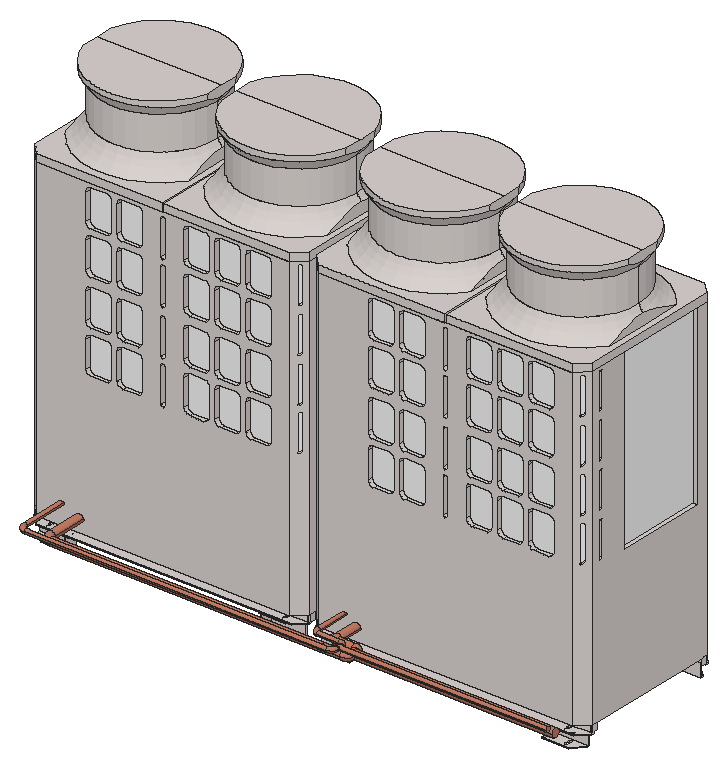
Revit family "PUHY-P800YSNW-A1", category Mechanical Equipment, Revit 2016 (continued)
Definition of nested family "PUHY-P450YNW-A1"
  Dimensions and locks
    cut or joined group 1 (Extrusion 1, Extrusion 2, Extrusion 3, Extrusion 4, Extrusion 5, Extrusion 6, Extrusion 7, Extrusion 8, Extrusion 9, Extrusion 10, Extrusion 11, Extrusion 12, Extrusion 13, Extrusion 14, Extrusion 15, Extrusion 16, Extrusion 17, Extrusion 18, Extrusion 19, Extrusion 20, Extrusion 21, Extrusion 22, Extrusion 23, Extrusion 24, Extrusion 25, Extrusion 26, Extrusion 27, Extrusion 28, Extrusion 29, Extrusion 30, Extrusion 31, Extrusion 32, Extrusion 33) to plane 12 to cut or joined group 1 = 805.000 mm, 621.000 mm
    plane 5 to plane 2 = 1858.000 mm  (x2)
    cut or joined group 1 to plane 19 "132" = 132.000 mm
    cut or joined group 1 to plane 22 = 207.000 mm
    cut or joined group 1 to plane 23 = 256.000 mm
    cut or joined group 1 to plane 6 = 60.000 mm
    cut or joined group 1 to cut or joined group 1 = 42.154 mm
    cut or joined group 1 to cut or joined group 1 = 11.895 mm
    nested 1 to nested 3 to level = 1798.000 mm, 60.000 mm
    nested 1 to nested 1 = 303.000 mm
    nested 1 to nested 3 = 1495.000 mm
    nested 8 to nested 8 to nested 8 to nested 7 to nested 7 to nested 7 = 54.000 mm, 20.000 mm, 592.000 mm, 20.000 mm, 54.000 mm
    nested 3 to nested 3 = 56.000 mm
    plane 11 to plane 31 to plane 32 to cut or joined group 1 = 90.000 mm, 1060.000 mm, 90.000 mm
    curve 103 to nested 7 = 90.000 mm
    curve 104 to nested 7 = 125.000 mm
    curve 101 to nested 7 = 100.000 mm
    curve 11 to curve 13 to nested 7 = 84.000 mm, 71.000 mm
    cut or joined group 1 to curve 12 to curve 14 = 125.000 mm, 148.000 mm
    nested 2 to nested 7 = 1495.000 mm
    curve 87 to cut or joined group 1 = 152.000 mm
    curve 88 to cut or joined group 1 = 172.000 mm
    curve 89 to cut or joined group 1 = 216.000 mm
    cut or joined group 1 to curve 4 to curve 2 = 128.000 mm, 150.000 mm
    cut or joined group 1 to curve 1 to curve 3 = 79.000 mm, 94.000 mm
    Extrusion 32 sketch curve to nested 7 = 116.000 mm
    cut or joined group 1 to Extrusion 32 sketch curve = 160.000 mm
    cut or joined group 1 to Extrusion 33 sketch curve = 243.000 mm
    Extrusion 33 sketch curve to nested 7 = 116.000 mm
    aligned and locked: level to plane 2
    aligned and locked: Extrusion 1 to plane 4
  Nested families
    nested 1: "FAN GUARD" at (-311.5, 2, 860), type "FAN GUARD"
      with WIDTH 870.000 mm
    nested 2: "FAN GUARD" at (311.5, 2, 860) x (-1, 0, 0) z (0, 0, 1), type "FAN GUARD"
      with WIDTH 870.000 mm
    nested 3: "ATTACHMENT LEG" at (-524, -349, 0), type "ATTACHMENT LEG"
    nested 4: "ATTACHMENT LEG" at (-524, 349, 0), type "ATTACHMENT LEG"
    nested 5: "ATTACHMENT LEG" at (524, -349, 0) x (-1, 0, 0) z (0, 0, 1), type "ATTACHMENT LEG"
    nested 6: "ATTACHMENT LEG" at (524, 349, 0) x (-1, 0, 0) z (0, 0, 1), type "ATTACHMENT LEG"
    nested 7: "BASE LEG_L_" at (0, -352, 60), type "BASE LEG_L_"
      with Width 1240.000 mm
    nested 8: "BASE LEG_L_" at (0, 352, 60), type "BASE LEG_L_"
      with Width 1240.000 mm
  Connectors
    piping at (-460, -191, 176), diameter 25.4, driven by "Liquid pipe_radius"
      settings: on cut or joined group 1, index 3, connector inside diameter 25.4 mm, connector length 0.000 mm, flow factor 0, pipe flow 0.0 L/s, pressure drop 0.0 Pa, fitting loss kfactor 0, connector angle 0.00°, fixture units 0, engagement length 0.000 mm, angle of deflection 0.00°, flow configuration 0, flow direction 0, fitting loss method 0, system type 22, joint type 0, gender type 0, connector reference index -1, connector utility 0, adjustable connector no, is connector primary yes, connector description "Refrigerant service valve<Liquid pipe>"
    piping at (-377, -191, 176), diameter 28.58, driven by "Gas pipe_radius"
      settings: on cut or joined group 1, index 4, connector inside diameter 28.58 mm, connector length 0.000 mm, flow factor 0, pipe flow 0.0 L/s, pressure drop 0.0 Pa, fitting loss kfactor 0, connector angle 0.00°, fixture units 0, engagement length 0.000 mm, angle of deflection 0.00°, flow configuration 0, flow direction 0, fitting loss method 0, system type 22, joint type 0, gender type 0, connector reference index -1, connector utility 0, adjustable connector no, is connector primary no, connector description "Refrigerant service valve<Gas>"
    electrical at (0, -370, 808)
      settings: on cut or joined group 1, index 5, voltage 0 V, apparent load 0 VA, apparent load phase1 0 VA, apparent load phase2 0 VA, apparent load phase3 0 VA, power factor 1, load classification none, number of poles 1, system type 30, power factor state 1, is connector primary yes, connector utility no, sub classification motor no, connector description ""
  Definition of nested family "FAN GUARD"
    Parameters
      WIDTH [instance] = 870.000 mm
    Reference planes
      plane 1 "中心(正面/背面)": y = -2
      plane 2: z = 0
      plane 3 "ファンガード基準面": z = 661
      plane 4: y = 368
      plane 5: x = 366
      plane 6: x = -375
      plane 7 "ファンガード基準上面": z = 695
      plane 8 "ファンガード上面": z = 998
      plane 9: x = -273.971
      plane 10: x = 308.5
      plane 11: x = -308.5
      plane 12: x = 0
    Forms (mm)
      Extrusion 1, solid
        sketch origin (85, 0, 661) x (-1, 0, 0) y (0, -1, 0)
          loop
            line (343.5, -368) -> (393.5, -318) -> (393.5, 322) -> (343.5, 372) -> (-223.5, 372) -> (-223.5, -368) -> (343.5, -368)
        from 0 to 34
      Revolve 2, solid
        sketch origin (0, -2, 0) x (1, 0, 0) y (0, 0, 1)
          loop
            line (0, 695) -> (0, 998) -> (-290, 998) -> (-290, 972.327) -> (-260, 928.372) -> (-260, 777.384)
            arc (-260, 777.384) -> (-290.651, 730.137) -> (-334.665, 695) r 175.882
            line (-334.665, 695) -> (0, 695)
          axis (0, 998) -> (0, 695)
        angle from 0 to 360
      Extrusion 3, void
        sketch origin (-840, 75, 695) x (-1, 0, 0) y (0, -1, 0)
          loop
            line (-410, -165) -> (-410, 315) -> (-561.253, 315) -> (-561.253, -165) -> (-410, -165)
        from -35 to 430.592
      Extrusion 4, void
        sketch origin (840, 75, 695) x (1, 0, 0) y (0, 1, 0)
          loop
            line (-410, 165) -> (-561.253, 165) -> (-561.253, -315) -> (-410, -315) -> (-410, 165)
        from 0 to 430.592
    Cuts and joins
      Extrusion 3, Extrusion 4 cuts Revolve 2
      Extrusion 4 cuts Extrusion 1
    Lines and regions (mm)
      model lines
        curve 1: line (-278.747, 0, 998) -> (-80, 0, 998)
        curve 2: line (80, 0, 998) -> (278.747, 0, 998)
        curve 3: circle (0, 0, 998) r 80 normal (0, 0, 1)
        curve 4: line (-278.747, -80, 998) -> (278.747, -80, 998)
        curve 5: line (-241.868, -160, 998) -> (241.868, -160, 998)
        curve 6: line (-162.788, -240, 998) -> (162.788, -240, 998)
        curve 7: line (-278.747, 80, 998) -> (278.747, 80, 998)
        curve 8: line (-241.868, 160, 998) -> (240, 160, 998)
        curve 9: line (-160, 240, 998) -> (162.788, 240, 998)
        curve 10: line (0, 290, 998) -> (0, -290, 998)
        curve 11: line (-20, 289.31, 998) -> (-20, -289.31, 998)
        curve 12: line (-40, 287.228, 998) -> (-40, -287.228, 998)
        curve 13: line (-60, 283.725, 998) -> (-60, -283.725, 998)
        curve 14: line (-80, 278.747, 998) -> (-80, -278.747, 998)
        curve 15: line (20, 289.31, 998) -> (20, -289.31, 998)
        curve 16: line (40, 287.228, 998) -> (40, -287.228, 998)
        curve 17: line (60, 283.725, 998) -> (60, -283.725, 998)
        curve 18: line (80, 278.747, 998) -> (80, -278.747, 998)
        curve 19: line (100, 272.213, 998) -> (100, -272.213, 998)
        curve 20: line (120, 264.008, 998) -> (120, -264.008, 998)
        curve 21: line (140, 253.969, 998) -> (140, -253.969, 998)
        curve 22: line (160, 241.868, 998) -> (160, -243.132, 998)
        curve 23: line (180, 227.376, 998) -> (180, -227.624, 998)
        curve 24: line (200, 210, 998) -> (200, -210, 998)
        curve 25: line (220, 188.944, 998) -> (220, -188.944, 998)
        curve 26: line (240, 160, 998) -> (240, -162.788, 998)
        curve 27: line (260, 128.452, 998) -> (260, -128.452, 998)
        curve 28: line (-100, 272.213, 998) -> (-100, -272.213, 998)
        curve 29: line (-120, 264.008, 998) -> (-120, -264.008, 998)
        curve 30: line (-140, 253.969, 998) -> (-140, -253.969, 998)
        curve 31: line (-160, 240, 998) -> (-160, -241.868, 998)
        curve 32: line (-180, 227.376, 998) -> (-180, -227.376, 998)
        curve 33: line (-200, 210, 998) -> (-200, -210, 998)
        curve 34: line (-220, 188.944, 998) -> (-220, -188.944, 998)
        curve 35: line (-240, 162.788, 998) -> (-240, -162.788, 998)
        curve 36: line (-260, 128.452, 998) -> (-260, -128.452, 998)
        curve 37: line (10, 79.373, 998) -> (10, -79.373, 998)
        curve 38: line (-10, 79.373, 998) -> (-10, -79.373, 998)
        curve 39: line (30, 74.162, 998) -> (30, -74.162, 998)
        curve 40: line (50, 62.45, 998) -> (50, -62.45, 998)
        curve 41: line (70, 38.73, 998) -> (70, -38.73, 998)
        curve 42: line (-30, 74.162, 998) -> (-30, -74.162, 998)
        curve 43: line (-50, 62.45, 998) -> (-50, -62.45, 998)
        curve 44: line (-70, 38.73, 998) -> (-70, -38.73, 998)
    Dimensions and locks
      locked: plane 8 "ファンガード上面" to plane 7 "ファンガード基準上面" at 303
      plane 8 "ファンガード上面" to plane 3 "ファンガード基準面" = 337.000 mm
      Revolve 2 sketch curve to Revolve 2 sketch curve = 290.000 mm
      Extrusion 1 sketch curve to Extrusion 1 sketch curve = 740.000 mm
      equal spacing: Extrusion 1 sketch curve, plane 1 "中心(正面/背面)", Extrusion 1 sketch curve
      plane 6 to plane 5 = 741.000 mm
      Extrusion 1 sketch curve to Extrusion 1 sketch curve = 617.000 mm
      plane 11 to plane 10 = 617.000 mm
      cut or joined group of Extrusion 1, Extrusion 4 to cut or joined group of Extrusion 1, Extrusion 4 = 617.000 mm
      cut or joined group of Extrusion 1, Extrusion 4 to cut or joined group of Extrusion 1, Extrusion 4 = 740.000 mm
      aligned and locked: level to plane 2
      aligned and locked: plane 7 "ファンガード基準上面" to Extrusion 1
      aligned and locked: plane 3 "ファンガード基準面" to Extrusion 1
      aligned and locked: cut or joined group of Revolve 2, Extrusion 3, Extrusion 4 to plane 8 "ファンガード上面"
  Definition of nested family "ATTACHMENT LEG"
    Parameters
      Width = 145.000 mm
    Reference planes
      plane 1: z = 0
      plane 2 "中心(左/右)": x = -6
      plane 3: x = -52
      plane 4: x = 85
      plane 5: x = 93
      plane 6: y = -21
      plane 7: y = 27
      plane 8: x = -30
      plane 9: y = 39
      plane 10: z = 60
      plane 11: z = 57
      plane 12: z = 3
      plane 13: x = 82
      plane 14: y = 36
      plane 15: x = -75
      plane 16: y = 31
      plane 17 "幅": x = 93
      plane 18: y = 2.5
      plane 19: y = 21
      plane 20: y = -10
    Forms (mm)
      Extrusion 1, solid
        sketch origin (0, -1, 0) x (1, 0, 0) y (0, 1, 0)
          loop
            line (-75, 36) -> (-75, 27) -> (-28, -20) -> (93, -20) -> (93, 32) -> (85, 32) -> (85, 36) -> (-75, 36)
        from 0 to 60
      Extrusion 2, void
        sketch origin (0, -3, 0) x (1, 0, 0) y (0, 0, 1)
          loop
            line (-75, 57) -> (-75, 3) -> (82, 3) -> (82, 57) -> (-75, 57)
          loop
            line (93, 57) -> (85, 57) -> (85, 3) -> (93, 3) -> (93, 57)
        from -35 to 18
      Extrusion 3, void
        sketch origin (-6, 5.5, 0) x (1, 0, 0) y (0, 1, 0)
          loop
            arc (-7, -8.5) -> (0, -15.5) -> (7, -8.5) r 7
            line (7, -8.5) -> (7, 8.5)
            arc (7, 8.5) -> (0, 15.5) -> (-7, 8.5) r 7
            line (-7, 8.5) -> (-7, -8.5)
        from 0 to 60
    Cuts and joins
      Extrusion 2, Extrusion 3 cuts Extrusion 1
    Dimensions and locks
      locked: plane 3 to plane 4 at 137
      locked: plane 3 to plane 5 at 145
      plane 6 to plane 7 = 48.000 mm
      locked: plane 10 to level at 60
      Extrusion 3 sketch curve to plane 2 "中心(左/右)" = 7.000 mm
      locked: plane 15 to plane 2 "中心(左/右)" at 69
      locked: plane 15 to plane 8 at 45
      locked: plane 6 to plane 18 at 23.5
      cut or joined group of Extrusion 1, Extrusion 2, Extrusion 3 to cut or joined group of Extrusion 1, Extrusion 2, Extrusion 3 = 168.000 mm
      cut or joined group of Extrusion 1, Extrusion 2, Extrusion 3 to cut or joined group of Extrusion 1, Extrusion 2, Extrusion 3 = 56.000 mm  (x2)
      plane 14 to plane 6 = 57.000 mm
      aligned and locked: level to plane 1
      aligned and locked: Extrusion 1 sketch curve to plane 4
      aligned and locked: Extrusion 1 sketch curve to plane 5
      aligned: plane 8 to Extrusion 1 sketch curve
      aligned and locked: plane 10 to Extrusion 1
      aligned and locked: Extrusion 2 sketch curve to plane 11
      aligned: plane 3 to Extrusion 2 sketch curve
      aligned and locked: plane 12 to Extrusion 2 sketch curve
      aligned and locked: Extrusion 2 sketch curve to plane 13
      aligned and locked: plane 6 to Extrusion 2
      aligned and locked: plane 11 to Extrusion 2 sketch curve
      aligned and locked: plane 5 to Extrusion 2 sketch curve
      aligned and locked: Extrusion 2 sketch curve to plane 12
      aligned and locked: Extrusion 2 sketch curve to plane 4
      aligned and locked: plane 15 to Extrusion 1 sketch curve
      aligned and locked: Extrusion 2 sketch curve to cut or joined group of Extrusion 1, Extrusion 2, Extrusion 3
      aligned and locked: Extrusion 1 to plane 16
  Definition of nested family "BASE LEG_L_"
    Parameters
      Width [instance] = 1240.000 mm
    Reference planes
      plane 1 "中心(正面/背面)": y = 0
      plane 2: z = 0
      plane 3 "中心(左/右)": x = 0
      plane 4: x = 620
      plane 5: x = -620
      plane 6: x = -530
      plane 7: x = 530
      plane 8: y = -18
      plane 9: y = 39
      plane 10: z = 53
      plane 11: y = 42
      plane 12: y = 27
      plane 13: x = 575
      plane 14: x = -575
      plane 15: z = 8
      plane 16: y = 11.5
      plane 17: z = 35
    Forms (mm)
      Extrusion 1, solid
        sketch origin (0, 0, 0) x (0, 1, 0) y (0, 0, 1)
          loop
            line (-18, 0) -> (36, 0) -> (36, 32) -> (56, 32) -> (56, 35) -> (33, 35) -> (33, 3) -> (-18, 3) -> (-18, 0)
        from -620 to 620
      Extrusion 2, void
        sketch origin (0, 0, 0) x (1, 0, 0) y (0, 1, 0)
          loop
            line (575, -18) -> (620, -18) -> (620, 27) -> (575, -18)
          loop
            line (-575, -18) -> (-620, 27) -> (-620, -18) -> (-575, -18)
        from 0 to 250
      Extrusion 3, void
        sketch origin (0, 12.023, 0) x (1, 0, 0) y (0, 1, 0)
          loop
            arc (523, -2.971) -> (530, -9.971) -> (537, -2.971) r 7
            line (537, -2.971) -> (537, 3.023)
            arc (537, 3.023) -> (530, 10.023) -> (523, 3.023) r 7
            line (523, 3.023) -> (523, -2.971)
          loop
            line (-523, -2.971) -> (-523, 3.023)
            arc (-523, 3.023) -> (-530, 10.023) -> (-537, 3.023) r 7
            line (-537, 3.023) -> (-537, -2.971)
            arc (-537, -2.971) -> (-530, -9.971) -> (-523, -2.971) r 7
        from 0 to 250
      Extrusion 4, solid
        sketch origin (0, 0, -3) x (1, 0, 0) y (0, 0, 1)
          loop
            line (617, 8) -> (620, 8) -> (620, 35) -> (617, 35) -> (617, 8)
          loop
            line (-617, 8) -> (-617, 35) -> (-620, 35) -> (-620, 8) -> (-617, 8)
        from -36 to -56
      Extrusion 5, solid
        sketch origin (150, 352, 0) x (1, 0, 0) y (0, 1, 0)
          loop
            line (460, -319) -> (455, -319) -> (455, -320) -> (405, -370) -> (410, -370) -> (460, -320) -> (460, -319)
        from 3 to 35
      Extrusion 6, void
        sketch origin (560, -18, 0) x (0.707107, 0.707107, 0) y (0, 0, 1)
          loop
            line (70.711, 3) -> (-6.741, 39.767) -> (-6.741, 3) -> (70.711, 3)
        from -190.256 to 23.776
      Extrusion 7, solid
        sketch origin (-150, 352, 0) x (-1, 0, 0) y (0, -1, 0)
          loop
            line (460, 319) -> (460, 320) -> (410, 370) -> (405, 370) -> (455, 320) -> (455, 319) -> (460, 319)
        from 3 to 35
      Extrusion 8, void
        sketch origin (-560, -18, 0) x (0.707107, -0.707107, 0) y (0, 0, -1)
          loop
            line (-70.711, -3) -> (0, -35) -> (6.741, -35) -> (6.741, -3) -> (-70.711, -3)
        from -190.256 to 23.776
    Cuts and joins
      Extrusion 2, Extrusion 3 cuts Extrusion 1
      joined: Extrusion 1, Extrusion 4
      Extrusion 8 cuts Extrusion 7
      Extrusion 6 cuts Extrusion 5
    Dimensions and locks
      "Width": plane 5 to plane 4
      equal spacing: plane 5, plane 3 "中心(左/右)", plane 4
      locked: plane 5 to plane 6 at 90
      locked: plane 7 to plane 4 at 90
      locked: plane 8 to plane 9 at 57
      locked: plane 10 to level at 53
      locked: plane 9 to plane 11 at 3
      plane 8 to plane 12 = 45.000 mm
      locked: plane 13 to plane 4 at 45
      locked: plane 5 to plane 14 at 45
      equal spacing: Extrusion 3 sketch curve, plane 7, Extrusion 3 sketch curve
      equal spacing: Extrusion 3 sketch curve, plane 6, Extrusion 3 sketch curve
      locked: plane 10 to plane 15 at 45
      locked: cut or joined group of Extrusion 1, Extrusion 2, Extrusion 3, Extrusion 4 to Extrusion 4 sketch curve at 3  (x2)
      locked: plane 8 to plane 16 at 29.5
      plane 8 to plane 11 = 60.000 mm
      cut or joined group of Extrusion 1, Extrusion 2, Extrusion 3, Extrusion 4 to cut or joined group of Extrusion 1, Extrusion 2, Extrusion 3, Extrusion 4 = 35.000 mm
      aligned and locked: level to plane 2
      aligned and locked: plane 8 to Extrusion 1 sketch curve
      aligned and locked: plane 4 to Extrusion 1
      aligned and locked: Extrusion 1 to plane 5
      aligned and locked: Extrusion 2 sketch curve to plane 4
      aligned and locked: Extrusion 2 sketch curve to plane 8
      aligned and locked: plane 12 to Extrusion 2 sketch curve
      aligned and locked: plane 13 to Extrusion 2 sketch curve
      aligned and locked: plane 4 to Extrusion 4 sketch curve
      aligned and locked: plane 5 to Extrusion 4 sketch curve
      aligned and locked: cut or joined group of Extrusion 7, Extrusion 8 to cut or joined group of Extrusion 1, Extrusion 2, Extrusion 3, Extrusion 4
    Automatic sketch dimensions
      Extrusion 3 sketch curve to plane 1 "中心(正面/背面)" = 9.052 mm  (x2)
      Extrusion 3 sketch curve to plane 7 = 7.000 mm
      Extrusion 3 sketch curve to plane 1 "中心(正面/背面)" = 15.046 mm  (x2)
      Extrusion 3 sketch curve to plane 6 = 7.000 mm
      Extrusion 2 sketch curve to plane 5 = 0.000 mm
      plane 8 to Extrusion 2 sketch curve = 0.000 mm
      Extrusion 2 sketch curve to plane 14 = 0.000 mm
      plane 12 to Extrusion 2 sketch curve = 0.000 mm
      Extrusion 4 sketch curve to plane 10 = 21.000 mm
      plane 7 to Extrusion 5 sketch curve = 25.000 mm
      Extrusion 5 sketch curve to Extrusion 5 sketch curve = 5.000 mm  (x2)
      plane 7 to Extrusion 5 sketch curve = 75.000 mm
      plane 8 to Extrusion 5 sketch curve = 0.000 mm
      Extrusion 5 sketch curve to Extrusion 5 sketch curve = 50.000 mm
      Extrusion 5 sketch curve to Extrusion 5 sketch curve = 0.000 mm
      Extrusion 5 sketch curve to Extrusion 5 sketch curve = 1.000 mm
      Extrusion 6 sketch curve to Extrusion 5 = 0.000 mm  (x2)
      Extrusion 6 sketch curve to Extrusion 5 = 6.741 mm
      Extrusion 6 sketch curve to Extrusion 5 = 4.767 mm
      plane 6 to Extrusion 7 sketch curve = 25.000 mm
      Extrusion 7 sketch curve to Extrusion 7 sketch curve = 5.000 mm  (x2)
      Extrusion 7 sketch curve to Extrusion 7 sketch curve = 45.000 mm
      Extrusion 7 sketch curve to plane 8 = 0.000 mm
      Extrusion 7 sketch curve to Extrusion 7 sketch curve = 50.000 mm
      Extrusion 7 sketch curve to Extrusion 7 sketch curve = 0.000 mm
      Extrusion 7 sketch curve to Extrusion 7 sketch curve = 1.000 mm
      Extrusion 8 sketch curve to Extrusion 7 = 0.000 mm  (x2)
      Extrusion 7 to Extrusion 8 sketch curve = 0.000 mm  (x2)
      Extrusion 7 to Extrusion 8 sketch curve = 6.741 mm
      Extrusion 4 sketch curve to plane 17 = 3.000 mm
      Extrusion 4 sketch curve to plane 15 = 3.000 mm  (x2)
      Extrusion 1 sketch curve to plane 17 = 0.000 mm
      Extrusion 1 sketch curve to level = 0.000 mm
      level to Extrusion 1 sketch curve = 3.000 mm
      plane 9 to Extrusion 1 sketch curve = 6.000 mm
      plane 9 to Extrusion 1 sketch curve = 3.000 mm
      Extrusion 1 sketch curve to plane 17 = 3.000 mm
      Extrusion 1 sketch curve to plane 11 = 14.000 mm
Definition of nested family "PUHY-P350YNW-A1"
  Parameters (values of type "PUHY-P350YNW-A")
    Model = "PUHY-P350YNW-A"
    URL = "http://www.mitsubishielectric.com/"
    Manufacturer = "Mitsubishi Electric Corporation"
    Liquid pipe_radius = 12.700 mm
    Gas pipe_radius = 14.290 mm
  Reference planes
    plane 1 "Center (Front/Back)": y = 0
    plane 2: z = 0
    plane 3 "Center (Left/Right)": x = 0
    plane 4: y = 370
    plane 5: z = 1858
    plane 6: y = -260
    plane 7: y = -204
    plane 8: y = -185
    plane 9: x = -620
    plane 10: x = 620
    plane 11: x = -620
    plane 12: z = 716
    plane 13: x = -524
    plane 14: z = 669
    plane 15: x = -50.5
    plane 16: x = 51
    plane 17: x = 489
    plane 18: x = 467
    plane 19 "132": x = 488
    plane 20 "100": z = 160
    plane 21: z = 185
    plane 22: x = 413
    plane 23: x = 364
    plane 24: z = 150
    plane 25: x = -287.25
    plane 26: x = -137.25
    plane 27: x = -272.25
    plane 28: y = -278
    plane 29: z = 1509
    plane 30: y = -370
    plane 31: x = -530
    plane 32: x = 530
    plane 33 "179": y = -191
  Forms (mm)
    Extrusion 1, solid
      sketch origin (-1, 0, 113) x (-1, 0, 0) y (0, -1, 0)
        loop
          line (569, -370) -> (619, -320) -> (619, 320) -> (569, 370) -> (-571, 370) -> (-621, 320) -> (-621, -320) -> (-571, -370) -> (569, -370)
      from -18 to 1408
    Extrusion 2, void
      sketch origin (524, -370, 113) x (1, 0, 0) y (0, 0, -1)
        loop
          arc (-60.8, -1393.5) -> (-42.557, -1385.943) -> (-35, -1367.7) r 25.8
          line (-35, -1367.7) -> (-35, -1248.5)
          arc (-35, -1248.5) -> (-42.557, -1230.257) -> (-60.8, -1222.7) r 25.8
          line (-60.8, -1222.7) -> (-126, -1222.7)
          arc (-126, -1222.7) -> (-144.243, -1230.257) -> (-151.8, -1248.5) r 25.8
          line (-151.8, -1248.5) -> (-151.8, -1367.7)
          arc (-151.8, -1367.7) -> (-144.243, -1385.943) -> (-126, -1393.5) r 25.8
          line (-126, -1393.5) -> (-60.8, -1393.5)
      from 0 to 20
    Extrusion 3, void
      sketch origin (524, -370, -81) x (1, 0, 0) y (0, 0, -1)
        loop
          arc (-60.8, -1393.5) -> (-42.557, -1385.943) -> (-35, -1367.7) r 25.8
          line (-35, -1367.7) -> (-35, -1248.5)
          arc (-35, -1248.5) -> (-42.557, -1230.257) -> (-60.8, -1222.7) r 25.8
          line (-60.8, -1222.7) -> (-126, -1222.7)
          arc (-126, -1222.7) -> (-144.243, -1230.257) -> (-151.8, -1248.5) r 25.8
          line (-151.8, -1248.5) -> (-151.8, -1367.7)
          arc (-151.8, -1367.7) -> (-144.243, -1385.943) -> (-126, -1393.5) r 25.8
          line (-126, -1393.5) -> (-60.8, -1393.5)
      from 0 to 20
    Extrusion 4, void
      sketch origin (524, -370, -287) x (1, 0, 0) y (0, 0, -1)
        loop
          arc (-60.8, -1393.5) -> (-42.557, -1385.943) -> (-35, -1367.7) r 25.8
          line (-35, -1367.7) -> (-35, -1248.5)
          arc (-35, -1248.5) -> (-42.557, -1230.257) -> (-60.8, -1222.7) r 25.8
          line (-60.8, -1222.7) -> (-126, -1222.7)
          arc (-126, -1222.7) -> (-144.243, -1230.257) -> (-151.8, -1248.5) r 25.8
          line (-151.8, -1248.5) -> (-151.8, -1367.7)
          arc (-151.8, -1367.7) -> (-144.243, -1385.943) -> (-126, -1393.5) r 25.8
          line (-126, -1393.5) -> (-60.8, -1393.5)
      from 0 to 20
    Extrusion 5, void
      sketch origin (524, -370, -481) x (1, 0, 0) y (0, 0, -1)
        loop
          arc (-60.8, -1393.5) -> (-42.557, -1385.943) -> (-35, -1367.7) r 25.8
          line (-35, -1367.7) -> (-35, -1248.5)
          arc (-35, -1248.5) -> (-42.557, -1230.257) -> (-60.8, -1222.7) r 25.8
          line (-60.8, -1222.7) -> (-126, -1222.7)
          arc (-126, -1222.7) -> (-144.243, -1230.257) -> (-151.8, -1248.5) r 25.8
          line (-151.8, -1248.5) -> (-151.8, -1367.7)
          arc (-151.8, -1367.7) -> (-144.243, -1385.943) -> (-126, -1393.5) r 25.8
          line (-126, -1393.5) -> (-60.8, -1393.5)
      from 0 to 20
    Extrusion 6, void
      sketch origin (384, -370, 113) x (1, 0, 0) y (0, 0, -1)
        loop
          arc (-60.8, -1393.5) -> (-42.557, -1385.943) -> (-35, -1367.7) r 25.8
          line (-35, -1367.7) -> (-35, -1248.5)
          arc (-35, -1248.5) -> (-42.557, -1230.257) -> (-60.8, -1222.7) r 25.8
          line (-60.8, -1222.7) -> (-126, -1222.7)
          arc (-126, -1222.7) -> (-144.243, -1230.257) -> (-151.8, -1248.5) r 25.8
          line (-151.8, -1248.5) -> (-151.8, -1367.7)
          arc (-151.8, -1367.7) -> (-144.243, -1385.943) -> (-126, -1393.5) r 25.8
          line (-126, -1393.5) -> (-60.8, -1393.5)
      from 0 to 20
    Extrusion 7, void
      sketch origin (384, -370, -81) x (1, 0, 0) y (0, 0, -1)
        loop
          arc (-60.8, -1393.5) -> (-42.557, -1385.943) -> (-35, -1367.7) r 25.8
          line (-35, -1367.7) -> (-35, -1248.5)
          arc (-35, -1248.5) -> (-42.557, -1230.257) -> (-60.8, -1222.7) r 25.8
          line (-60.8, -1222.7) -> (-126, -1222.7)
          arc (-126, -1222.7) -> (-144.243, -1230.257) -> (-151.8, -1248.5) r 25.8
          line (-151.8, -1248.5) -> (-151.8, -1367.7)
          arc (-151.8, -1367.7) -> (-144.243, -1385.943) -> (-126, -1393.5) r 25.8
          line (-126, -1393.5) -> (-60.8, -1393.5)
      from 0 to 20
    Extrusion 8, void
      sketch origin (384, -370, -287) x (1, 0, 0) y (0, 0, -1)
        loop
          arc (-60.8, -1393.5) -> (-42.557, -1385.943) -> (-35, -1367.7) r 25.8
          line (-35, -1367.7) -> (-35, -1248.5)
          arc (-35, -1248.5) -> (-42.557, -1230.257) -> (-60.8, -1222.7) r 25.8
          line (-60.8, -1222.7) -> (-126, -1222.7)
          arc (-126, -1222.7) -> (-144.243, -1230.257) -> (-151.8, -1248.5) r 25.8
          line (-151.8, -1248.5) -> (-151.8, -1367.7)
          arc (-151.8, -1367.7) -> (-144.243, -1385.943) -> (-126, -1393.5) r 25.8
          line (-126, -1393.5) -> (-60.8, -1393.5)
      from 0 to 20
    Extrusion 9, void
      sketch origin (384, -370, -481) x (1, 0, 0) y (0, 0, -1)
        loop
          arc (-60.8, -1393.5) -> (-42.557, -1385.943) -> (-35, -1367.7) r 25.8
          line (-35, -1367.7) -> (-35, -1248.5)
          arc (-35, -1248.5) -> (-42.557, -1230.257) -> (-60.8, -1222.7) r 25.8
          line (-60.8, -1222.7) -> (-126, -1222.7)
          arc (-126, -1222.7) -> (-144.243, -1230.257) -> (-151.8, -1248.5) r 25.8
          line (-151.8, -1248.5) -> (-151.8, -1367.7)
          arc (-151.8, -1367.7) -> (-144.243, -1385.943) -> (-126, -1393.5) r 25.8
          line (-126, -1393.5) -> (-60.8, -1393.5)
      from 0 to 20
    Extrusion 10, void
      sketch origin (244, -370, 113) x (1, 0, 0) y (0, 0, -1)
        loop
          arc (-60.8, -1393.5) -> (-42.557, -1385.943) -> (-35, -1367.7) r 25.8
          line (-35, -1367.7) -> (-35, -1248.5)
          arc (-35, -1248.5) -> (-42.557, -1230.257) -> (-60.8, -1222.7) r 25.8
          line (-60.8, -1222.7) -> (-126, -1222.7)
          arc (-126, -1222.7) -> (-144.243, -1230.257) -> (-151.8, -1248.5) r 25.8
          line (-151.8, -1248.5) -> (-151.8, -1367.7)
          arc (-151.8, -1367.7) -> (-144.243, -1385.943) -> (-126, -1393.5) r 25.8
          line (-126, -1393.5) -> (-60.8, -1393.5)
      from 0 to 20
    Extrusion 11, void
      sketch origin (244, -370, -81) x (1, 0, 0) y (0, 0, -1)
        loop
          arc (-60.8, -1393.5) -> (-42.557, -1385.943) -> (-35, -1367.7) r 25.8
          line (-35, -1367.7) -> (-35, -1248.5)
          arc (-35, -1248.5) -> (-42.557, -1230.257) -> (-60.8, -1222.7) r 25.8
          line (-60.8, -1222.7) -> (-126, -1222.7)
          arc (-126, -1222.7) -> (-144.243, -1230.257) -> (-151.8, -1248.5) r 25.8
          line (-151.8, -1248.5) -> (-151.8, -1367.7)
          arc (-151.8, -1367.7) -> (-144.243, -1385.943) -> (-126, -1393.5) r 25.8
          line (-126, -1393.5) -> (-60.8, -1393.5)
      from 0 to 20
    Extrusion 12, void
      sketch origin (244, -370, -287) x (1, 0, 0) y (0, 0, -1)
        loop
          arc (-60.8, -1393.5) -> (-42.557, -1385.943) -> (-35, -1367.7) r 25.8
          line (-35, -1367.7) -> (-35, -1248.5)
          arc (-35, -1248.5) -> (-42.557, -1230.257) -> (-60.8, -1222.7) r 25.8
          line (-60.8, -1222.7) -> (-126, -1222.7)
          arc (-126, -1222.7) -> (-144.243, -1230.257) -> (-151.8, -1248.5) r 25.8
          line (-151.8, -1248.5) -> (-151.8, -1367.7)
          arc (-151.8, -1367.7) -> (-144.243, -1385.943) -> (-126, -1393.5) r 25.8
          line (-126, -1393.5) -> (-60.8, -1393.5)
      from 0 to 20
    Extrusion 13, void
      sketch origin (244, -370, -481) x (1, 0, 0) y (0, 0, -1)
        loop
          arc (-60.8, -1393.5) -> (-42.557, -1385.943) -> (-35, -1367.7) r 25.8
          line (-35, -1367.7) -> (-35, -1248.5)
          arc (-35, -1248.5) -> (-42.557, -1230.257) -> (-60.8, -1222.7) r 25.8
          line (-60.8, -1222.7) -> (-126, -1222.7)
          arc (-126, -1222.7) -> (-144.243, -1230.257) -> (-151.8, -1248.5) r 25.8
          line (-151.8, -1248.5) -> (-151.8, -1367.7)
          arc (-151.8, -1367.7) -> (-144.243, -1385.943) -> (-126, -1393.5) r 25.8
          line (-126, -1393.5) -> (-60.8, -1393.5)
      from 0 to 20
    Extrusion 14, void
      sketch origin (-56, -370, 113) x (1, 0, 0) y (0, 0, -1)
        loop
          arc (-60.8, -1393.5) -> (-42.557, -1385.943) -> (-35, -1367.7) r 25.8
          line (-35, -1367.7) -> (-35, -1248.5)
          arc (-35, -1248.5) -> (-42.557, -1230.257) -> (-60.8, -1222.7) r 25.8
          line (-60.8, -1222.7) -> (-126, -1222.7)
          arc (-126, -1222.7) -> (-144.243, -1230.257) -> (-151.8, -1248.5) r 25.8
          line (-151.8, -1248.5) -> (-151.8, -1367.7)
          arc (-151.8, -1367.7) -> (-144.243, -1385.943) -> (-126, -1393.5) r 25.8
          line (-126, -1393.5) -> (-60.8, -1393.5)
      from 0 to 20
    Extrusion 15, void
      sketch origin (-56, -370, -81) x (1, 0, 0) y (0, 0, -1)
        loop
          arc (-60.8, -1393.5) -> (-42.557, -1385.943) -> (-35, -1367.7) r 25.8
          line (-35, -1367.7) -> (-35, -1248.5)
          arc (-35, -1248.5) -> (-42.557, -1230.257) -> (-60.8, -1222.7) r 25.8
          line (-60.8, -1222.7) -> (-126, -1222.7)
          arc (-126, -1222.7) -> (-144.243, -1230.257) -> (-151.8, -1248.5) r 25.8
          line (-151.8, -1248.5) -> (-151.8, -1367.7)
          arc (-151.8, -1367.7) -> (-144.243, -1385.943) -> (-126, -1393.5) r 25.8
          line (-126, -1393.5) -> (-60.8, -1393.5)
      from 0 to 20
    Extrusion 16, void
      sketch origin (-56, -370, -287) x (1, 0, 0) y (0, 0, -1)
        loop
          arc (-60.8, -1393.5) -> (-42.557, -1385.943) -> (-35, -1367.7) r 25.8
          line (-35, -1367.7) -> (-35, -1248.5)
          arc (-35, -1248.5) -> (-42.557, -1230.257) -> (-60.8, -1222.7) r 25.8
          line (-60.8, -1222.7) -> (-126, -1222.7)
          arc (-126, -1222.7) -> (-144.243, -1230.257) -> (-151.8, -1248.5) r 25.8
          line (-151.8, -1248.5) -> (-151.8, -1367.7)
          arc (-151.8, -1367.7) -> (-144.243, -1385.943) -> (-126, -1393.5) r 25.8
          line (-126, -1393.5) -> (-60.8, -1393.5)
      from 0 to 20
    Extrusion 17, void
      sketch origin (-56, -370, -481) x (1, 0, 0) y (0, 0, -1)
        loop
          arc (-60.8, -1393.5) -> (-42.557, -1385.943) -> (-35, -1367.7) r 25.8
          line (-35, -1367.7) -> (-35, -1248.5)
          arc (-35, -1248.5) -> (-42.557, -1230.257) -> (-60.8, -1222.7) r 25.8
          line (-60.8, -1222.7) -> (-126, -1222.7)
          arc (-126, -1222.7) -> (-144.243, -1230.257) -> (-151.8, -1248.5) r 25.8
          line (-151.8, -1248.5) -> (-151.8, -1367.7)
          arc (-151.8, -1367.7) -> (-144.243, -1385.943) -> (-126, -1393.5) r 25.8
          line (-126, -1393.5) -> (-60.8, -1393.5)
      from 0 to 20
    Extrusion 18, void
      sketch origin (-196, -370, 113) x (1, 0, 0) y (0, 0, -1)
        loop
          arc (-60.8, -1393.5) -> (-42.557, -1385.943) -> (-35, -1367.7) r 25.8
          line (-35, -1367.7) -> (-35, -1248.5)
          arc (-35, -1248.5) -> (-42.557, -1230.257) -> (-60.8, -1222.7) r 25.8
          line (-60.8, -1222.7) -> (-126, -1222.7)
          arc (-126, -1222.7) -> (-144.243, -1230.257) -> (-151.8, -1248.5) r 25.8
          line (-151.8, -1248.5) -> (-151.8, -1367.7)
          arc (-151.8, -1367.7) -> (-144.243, -1385.943) -> (-126, -1393.5) r 25.8
          line (-126, -1393.5) -> (-60.8, -1393.5)
      from 0 to 20
    Extrusion 19, void
      sketch origin (-196, -370, -81) x (1, 0, 0) y (0, 0, -1)
        loop
          arc (-60.8, -1393.5) -> (-42.557, -1385.943) -> (-35, -1367.7) r 25.8
          line (-35, -1367.7) -> (-35, -1248.5)
          arc (-35, -1248.5) -> (-42.557, -1230.257) -> (-60.8, -1222.7) r 25.8
          line (-60.8, -1222.7) -> (-126, -1222.7)
          arc (-126, -1222.7) -> (-144.243, -1230.257) -> (-151.8, -1248.5) r 25.8
          line (-151.8, -1248.5) -> (-151.8, -1367.7)
          arc (-151.8, -1367.7) -> (-144.243, -1385.943) -> (-126, -1393.5) r 25.8
          line (-126, -1393.5) -> (-60.8, -1393.5)
      from 0 to 20
    Extrusion 20, void
      sketch origin (-196, -370, -287) x (1, 0, 0) y (0, 0, -1)
        loop
          arc (-60.8, -1393.5) -> (-42.557, -1385.943) -> (-35, -1367.7) r 25.8
          line (-35, -1367.7) -> (-35, -1248.5)
          arc (-35, -1248.5) -> (-42.557, -1230.257) -> (-60.8, -1222.7) r 25.8
          line (-60.8, -1222.7) -> (-126, -1222.7)
          arc (-126, -1222.7) -> (-144.243, -1230.257) -> (-151.8, -1248.5) r 25.8
          line (-151.8, -1248.5) -> (-151.8, -1367.7)
          arc (-151.8, -1367.7) -> (-144.243, -1385.943) -> (-126, -1393.5) r 25.8
          line (-126, -1393.5) -> (-60.8, -1393.5)
      from 0 to 20
    Extrusion 21, void
      sketch origin (-196, -370, -481) x (1, 0, 0) y (0, 0, -1)
        loop
          arc (-60.8, -1393.5) -> (-42.557, -1385.943) -> (-35, -1367.7) r 25.8
          line (-35, -1367.7) -> (-35, -1248.5)
          arc (-35, -1248.5) -> (-42.557, -1230.257) -> (-60.8, -1222.7) r 25.8
          line (-60.8, -1222.7) -> (-126, -1222.7)
          arc (-126, -1222.7) -> (-144.243, -1230.257) -> (-151.8, -1248.5) r 25.8
          line (-151.8, -1248.5) -> (-151.8, -1367.7)
          arc (-151.8, -1367.7) -> (-144.243, -1385.943) -> (-126, -1393.5) r 25.8
          line (-126, -1393.5) -> (-60.8, -1393.5)
      from 0 to 20
    Extrusion 22, void
      sketch origin (620, 320, 113) x (0, 1, 0) y (0, 0, -1)
        loop
          line (-462.3, -1408) -> (-50.8, -1408) -> (-50.8, -612) -> (-462.3, -612) -> (-462.3, -1408)
      from 0 to 20
    Extrusion 23, void
      sketch origin (-620, -320, 113) x (0, -1, 0) y (0, 0, -1)
        loop
          line (-535.7, -1408) -> (-207.7, -1408) -> (-207.7, -592) -> (-535.7, -592) -> (-535.7, -1408)
      from 0 to 20
    Extrusion 24, void
      sketch origin (194.892, 370, 113) x (-1, 0, 0) y (0, 0, -1)
        loop
          arc (204.892, -1225.013) -> (194.892, -1215.013) -> (184.892, -1225.013) r 10
          line (184.892, -1225.013) -> (184.892, -1379.987)
          arc (184.892, -1379.987) -> (194.892, -1389.987) -> (204.892, -1379.987) r 10
          line (204.892, -1379.987) -> (204.892, -1225.013)
        loop
          arc (204.892, -1031.013) -> (194.892, -1021.013) -> (184.892, -1031.013) r 10
          line (184.892, -1031.013) -> (184.892, -1185.987)
          arc (184.892, -1185.987) -> (194.892, -1195.987) -> (204.892, -1185.987) r 10
          line (204.892, -1185.987) -> (204.892, -1031.013)
        loop
          arc (204.892, -825.013) -> (194.892, -815.013) -> (184.892, -825.013) r 10
          line (184.892, -825.013) -> (184.892, -979.987)
          arc (184.892, -979.987) -> (194.892, -989.987) -> (204.892, -979.987) r 10
          line (204.892, -979.987) -> (204.892, -825.013)
        loop
          arc (204.892, -631.013) -> (194.892, -621.013) -> (184.892, -631.013) r 10
          line (184.892, -631.013) -> (184.892, -785.987)
          arc (184.892, -785.987) -> (194.892, -795.987) -> (204.892, -785.987) r 10
          line (204.892, -785.987) -> (204.892, -631.013)
      from 0 to 20
    Extrusion 25, void
      sketch origin (-570, 370, 113) x (0.707107, 0.707107, 0) y (0, 0, 1)
        loop
          arc (-45.355, 1236) -> (-35.355, 1226) -> (-25.355, 1236) r 10
          line (-25.355, 1236) -> (-25.355, 1386)
          arc (-25.355, 1386) -> (-35.355, 1396) -> (-45.355, 1386) r 10
          line (-45.355, 1386) -> (-45.355, 1236)
        loop
          arc (-45.355, 1036) -> (-35.355, 1026) -> (-25.355, 1036) r 10
          line (-25.355, 1036) -> (-25.355, 1186)
          arc (-25.355, 1186) -> (-35.355, 1196) -> (-45.355, 1186) r 10
          line (-45.355, 1186) -> (-45.355, 1036)
        loop
          arc (-45.355, 836) -> (-35.355, 826) -> (-25.355, 836) r 10
          line (-25.355, 836) -> (-25.355, 986)
          arc (-25.355, 986) -> (-35.355, 996) -> (-45.355, 986) r 10
          line (-45.355, 986) -> (-45.355, 836)
        loop
          arc (-45.355, 641) -> (-35.355, 631) -> (-25.355, 641) r 10
          line (-25.355, 641) -> (-25.355, 791)
          arc (-25.355, 791) -> (-35.355, 801) -> (-45.355, 791) r 10
          line (-45.355, 791) -> (-45.355, 641)
      from 0 to 20
    Extrusion 26, void
      sketch origin (-620, -320, 113) x (0, -1, 0) y (0, 0, -1)
        loop
          line (-607.846, -1035.895) -> (-607.846, -1186.105)
          arc (-607.846, -1186.105) -> (-597.846, -1196.105) -> (-587.846, -1186.105) r 10
          line (-587.846, -1186.105) -> (-587.846, -1035.895)
          arc (-587.846, -1035.895) -> (-597.846, -1025.895) -> (-607.846, -1035.895) r 10
        loop
          line (-607.846, -835.895) -> (-607.846, -986.105)
          arc (-607.846, -986.105) -> (-597.846, -996.105) -> (-587.846, -986.105) r 10
          line (-587.846, -986.105) -> (-587.846, -835.895)
          arc (-587.846, -835.895) -> (-597.846, -825.895) -> (-607.846, -835.895) r 10
        loop
          line (-607.846, -1235.895) -> (-607.846, -1386.105)
          arc (-607.846, -1386.105) -> (-597.846, -1396.105) -> (-587.846, -1386.105) r 10
          line (-587.846, -1386.105) -> (-587.846, -1235.895)
          arc (-587.846, -1235.895) -> (-597.846, -1225.895) -> (-607.846, -1235.895) r 10
        loop
          line (-607.846, -635.895) -> (-607.846, -786.105)
          arc (-607.846, -786.105) -> (-597.846, -796.105) -> (-587.846, -786.105) r 10
          line (-587.846, -786.105) -> (-587.846, -635.895)
          arc (-587.846, -635.895) -> (-597.846, -625.895) -> (-607.846, -635.895) r 10
      from 0 to 20
    Extrusion 27, void
      sketch origin (1079, -370, 113) x (1, 0, 0) y (0, 0, -1)
        loop
          arc (-1089, -1379.975) -> (-1079, -1389.975) -> (-1069, -1379.975) r 10
          line (-1069, -1379.975) -> (-1069, -1225)
          arc (-1069, -1225) -> (-1079, -1215) -> (-1089, -1225) r 10
          line (-1089, -1225) -> (-1089, -1379.975)
        loop
          arc (-1089, -1185.975) -> (-1079, -1195.975) -> (-1069, -1185.975) r 10
          line (-1069, -1185.975) -> (-1069, -1031)
          arc (-1069, -1031) -> (-1079, -1021) -> (-1089, -1031) r 10
          line (-1089, -1031) -> (-1089, -1185.975)
        loop
          arc (-1089, -979.975) -> (-1079, -989.975) -> (-1069, -979.975) r 10
          line (-1069, -979.975) -> (-1069, -825)
          arc (-1069, -825) -> (-1079, -815) -> (-1089, -825) r 10
          line (-1089, -825) -> (-1089, -979.975)
        loop
          arc (-1089, -785.975) -> (-1079, -795.975) -> (-1069, -785.975) r 10
          line (-1069, -785.975) -> (-1069, -631)
          arc (-1069, -631) -> (-1079, -621) -> (-1089, -631) r 10
          line (-1089, -631) -> (-1089, -785.975)
      from 0 to 20
    Extrusion 28, void
      sketch origin (-571, 370, 113) x (-1, 0, 0) y (0, 0, -1)
        loop
          line (-519.5, -1408) -> (-48, -1408) -> (-48, -556) -> (-519.5, -556) -> (-519.5, -1408)
      from 0 to 20
    Extrusion 29, void
      sketch origin (-571, 370, 113) x (-1, 0, 0) y (0, 0, -1)
        loop
          line (-1038, -1408) -> (-622, -1408) -> (-622, -556) -> (-1038, -556) -> (-1038, -1408)
      from 0 to 20
    Extrusion 30, void
      sketch origin (620, 320, 113) x (0, 1, 0) y (0, 0, -1)
        loop
          arc (-588, -1035.791) -> (-598, -1025.791) -> (-608, -1035.791) r 10
          line (-608, -1035.791) -> (-608, -1186)
          arc (-608, -1186) -> (-598, -1196) -> (-588, -1186) r 10
          line (-588, -1186) -> (-588, -1035.791)
        loop
          arc (-588, -835.791) -> (-598, -825.791) -> (-608, -835.791) r 10
          line (-608, -835.791) -> (-608, -986)
          arc (-608, -986) -> (-598, -996) -> (-588, -986) r 10
          line (-588, -986) -> (-588, -835.791)
        loop
          arc (-588, -1235.791) -> (-598, -1225.791) -> (-608, -1235.791) r 10
          line (-608, -1235.791) -> (-608, -1386)
          arc (-608, -1386) -> (-598, -1396) -> (-588, -1386) r 10
          line (-588, -1386) -> (-588, -1235.791)
        loop
          arc (-588, -635.791) -> (-598, -625.791) -> (-608, -635.791) r 10
          line (-608, -635.791) -> (-608, -786)
          arc (-608, -786) -> (-598, -796) -> (-588, -786) r 10
          line (-588, -786) -> (-588, -635.791)
      from 0 to 20
    Extrusion 31, void
      sketch origin (1291.751, 351.751, 113) x (0.707107, 0.707107, 0) y (0, 0, -1)
        loop
          line (-995.311, -1236) -> (-995.311, -1386)
          arc (-995.311, -1386) -> (-985.311, -1396) -> (-975.311, -1386) r 10
          line (-975.311, -1386) -> (-975.311, -1236)
          arc (-975.311, -1236) -> (-985.311, -1226) -> (-995.311, -1236) r 10
        loop
          line (-995.311, -1036) -> (-995.311, -1186)
          arc (-995.311, -1186) -> (-985.311, -1196) -> (-975.311, -1186) r 10
          line (-975.311, -1186) -> (-975.311, -1036)
          arc (-975.311, -1036) -> (-985.311, -1026) -> (-995.311, -1036) r 10
        loop
          line (-995.311, -836) -> (-995.311, -986)
          arc (-995.311, -986) -> (-985.311, -996) -> (-975.311, -986) r 10
          line (-975.311, -986) -> (-975.311, -836)
          arc (-975.311, -836) -> (-985.311, -826) -> (-995.311, -836) r 10
        loop
          line (-995.311, -641) -> (-995.311, -791)
          arc (-995.311, -791) -> (-985.311, -801) -> (-975.311, -791) r 10
          line (-975.311, -791) -> (-975.311, -641)
          arc (-975.311, -641) -> (-985.311, -631) -> (-995.311, -641) r 10
      from 0 to 20
    Extrusion 32, void
      sketch origin (0, -191, 0) x (-1, 0, 0) y (0, 0, 1)
        loop
          circle (460, 176) r 6.35
      from 0 to 78.7
    Extrusion 33, void
      sketch origin (0, -191, 0) x (-1, 0, 0) y (0, 0, 1)
        loop
          circle (377, 176) r 14.29
      from 0 to 78.7
  Cuts and joins
    Extrusion 2, Extrusion 3, Extrusion 4, Extrusion 5, Extrusion 6, Extrusion 7, Extrusion 8, Extrusion 9, Extrusion 10, Extrusion 11, Extrusion 12, Extrusion 13, Extrusion 14, Extrusion 15, Extrusion 16, Extrusion 17, Extrusion 18, Extrusion 19, Extrusion 20, Extrusion 21, Extrusion 22, Extrusion 23, Extrusion 24, Extrusion 25, Extrusion 26, Extrusion 27, Extrusion 28, Extrusion 29, Extrusion 30, Extrusion 31, Extrusion 32, Extrusion 33 cuts Extrusion 1
  Lines and regions (mm)
    model lines
      curve 1: line (-351, -291, 95) -> (-481, -291, 95)
      curve 2: line (-342, -206, 95) -> (-342, -282, 95)
      curve 3: line (-481, -197, 95) -> (-351, -197, 95)
      curve 4: line (-492, -280, 95) -> (-492, -208, 95)
      curve 5: arc (-492, -280, 95) -> (-488.778, -287.778, 95) -> (-481, -291, 95) r 11
      curve 6: arc (-351, -291, 95) -> (-344.636, -288.364, 95) -> (-342, -282, 95) r 9
      curve 7: arc (-342, -206, 95) -> (-344.636, -199.636, 95) -> (-351, -197, 95) r 9
      curve 8: arc (-481, -197, 95) -> (-488.778, -200.222, 95) -> (-492, -208, 95) r 11
      curve 9: line (-30, -370, 1521) -> (-30, -370, 95)
      curve 10: line (30, -370, 1521) -> (30, -370, 95)
      curve 11: line (-485, -370, 215) -> (-357, -370, 215)
      curve 12: line (-495, -370, 141) -> (-495, -370, 205)
      curve 13: line (-357, -370, 131) -> (-485, -370, 131)
      curve 14: line (-347, -370, 205) -> (-347, -370, 141)
      curve 15: arc (-485, -370, 215) -> (-492.071, -370, 212.071) -> (-495, -370, 205) r 10
      curve 16: arc (-495, -370, 141) -> (-492.071, -370, 133.929) -> (-485, -370, 131) r 10
      curve 17: arc (-357, -370, 131) -> (-349.929, -370, 133.929) -> (-347, -370, 141) r 10
      curve 18: arc (-347, -370, 205) -> (-349.929, -370, 212.071) -> (-357, -370, 215) r 10
      curve 19: line (-405, -370, 1521) -> (-405, -370, 716)
      curve 20: line (620, -162.3, 1521) -> (620, -162.3, 95)
      curve 21: line (620, 289.2, 1521) -> (620, 289.2, 95)
      curve 22: line (620, -162.3, 705) -> (620, 289.2, 705)
      curve 23: line (620, -162.3, 725) -> (620, 289.2, 725)
      curve 24: line (620, -76.8, 583) -> (620, 203.2, 583)
      curve 25: line (620, 203.2, 563) -> (620, -76.8, 563)
      curve 26: arc (620, -76.8, 583) -> (620, -83.871, 580.071) -> (620, -86.8, 573) r 10
      curve 27: arc (620, -76.8, 563) -> (620, -83.871, 565.929) -> (620, -86.8, 573) r 10
      curve 28: arc (620, 203.2, 583) -> (620, 210.271, 580.071) -> (620, 213.2, 573) r 10
      curve 29: arc (620, 203.2, 563) -> (620, 210.271, 565.929) -> (620, 213.2, 573) r 10
      curve 30: line (620, -76.8, 478) -> (620, 203.2, 478)
      curve 31: line (620, 203.2, 458) -> (620, -76.8, 458)
      curve 32: arc (620, -76.8, 478) -> (620, -83.871, 475.071) -> (620, -86.8, 468) r 10
      curve 33: arc (620, -76.8, 458) -> (620, -83.871, 460.929) -> (620, -86.8, 468) r 10
      curve 34: arc (620, 203.2, 478) -> (620, 210.271, 475.071) -> (620, 213.2, 468) r 10
      curve 35: arc (620, 203.2, 458) -> (620, 210.271, 460.929) -> (620, 213.2, 468) r 10
      curve 36: line (620, -76.8, 373) -> (620, 203.2, 373)
      curve 37: line (620, 203.2, 353) -> (620, -76.8, 353)
      curve 38: arc (620, -76.8, 373) -> (620, -83.871, 370.071) -> (620, -86.8, 363) r 10
      curve 39: arc (620, -76.8, 353) -> (620, -83.871, 355.929) -> (620, -86.8, 363) r 10
      curve 40: arc (620, 203.2, 373) -> (620, 210.271, 370.071) -> (620, 213.2, 363) r 10
      curve 41: arc (620, 203.2, 353) -> (620, 210.271, 355.929) -> (620, 213.2, 363) r 10
      curve 42: line (620, -76.8, 268) -> (620, 203.2, 268)
      curve 43: line (620, 203.2, 248) -> (620, -76.8, 248)
      curve 44: arc (620, -76.8, 268) -> (620, -83.871, 265.071) -> (620, -86.8, 258) r 10
      curve 45: arc (620, -76.8, 248) -> (620, -83.871, 250.929) -> (620, -86.8, 258) r 10
      curve 46: arc (620, 203.2, 268) -> (620, 210.271, 265.071) -> (620, 213.2, 258) r 10
      curve 47: arc (620, 203.2, 248) -> (620, 210.271, 250.929) -> (620, 213.2, 258) r 10
      curve 48: line (-620, -162.3, 1521) -> (-620, -162.3, 95)
      curve 49: line (-620, 235.7, 1521) -> (-620, 235.7, 95)
      curve 50: line (-620, -112.3, 1521) -> (-620, -112.3, 705)
